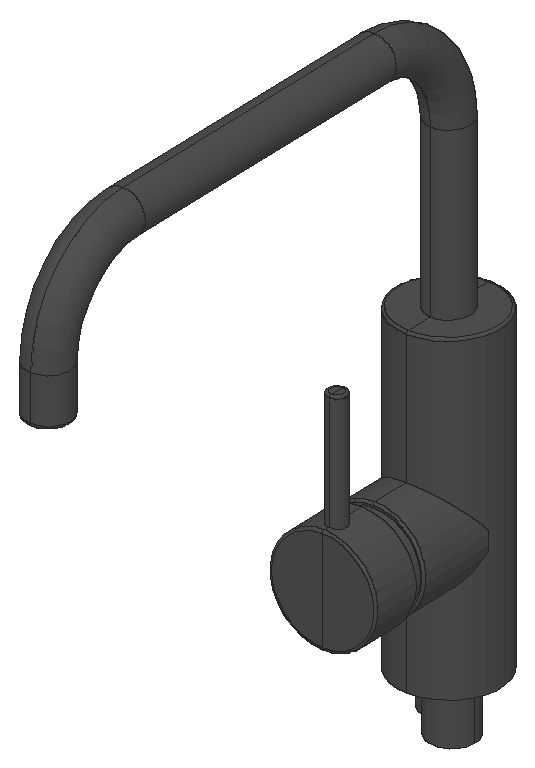
Revit family "Mixer-Sink-Caroma Liano Nexus", category Plumbing Fixtures, host Face, Revit 2013
Parameters (values of type "Standard")
  Waste Connection = no
  WELSRating_ANZRS = "WELS 5 Star rated, 6L/min"  # constant formula
  Vent Connection = no
  URL = "http://www.caroma.com.au/"
  Type Comments = "Caroma Liano Nexus Sink Mixer"  # constant formula
  ModifiedIssue_ANZRS = 2013.1  # constant formula
  Model = "96194B5A"  # constant formula
  Material_ANZRS = Metal-Steel-Powdercoated-Matte Black
  Manufacturer = "GWA Bathrooms & Kitchens"  # constant formula
  HWFU = 1.58  # constant formula
  HW Connection = yes
  Description = "WELS 5 Star rated, 6L/min"  # constant formula
  Default Elevation = 0 mm
  CreatedBy_ANZRS = "Design Content"  # constant formula
  CreatedByURL_ANZRS = "www.designcontent.com.au"
  Cost = 0
  Connector Radius = 10 mm  # constant formula
  CWFU = 1.58  # constant formula
  CW Connection = yes
  Assembly Code = "D2020300"
Reference planes
  plane 1 "Center (Front/Back)": y = 0
  plane 2: z = 0
  plane 3 "Center (Left/Right)": x = 0
Forms (mm)
  Extrusion 1, solid, material "Metal-Steel-Powdercoated-Matte Black" <- "Material_ANZRS"
    sketch origin (14.142, 0, 0) x (1, 0, 0) y (0, 1, 0)
      loop
        circle (-7.071, -7.071) r 10
    from -20 to 0
  Extrusion 2, solid, material "Metal-Steel-Powdercoated-Matte Black" <- "Material_ANZRS"
    sketch origin (-14.142, 0, 0) x (-1, 0, 0) y (0, -1, 0)
      loop
        circle (-7.071, -7.071) r 10
    from -20 to 0
  Revolve 3, solid, material "Metal-Steel-Powdercoated-Matte Black" <- "Material_ANZRS"
    sketch origin (0, 78.1, 59) x (0, 0, -1) y (0, -1, 0)
      loop
        line (0, 78.1) -> (22, 78.1) -> (22, 117.5)
        arc (22, 117.5) -> (21.707, 118.207) -> (21, 118.5) r 1
        line (21, 118.5) -> (20.214, 118.5) -> (20.214, 125.913)
        arc (20.214, 125.913) -> (18.63, 129.305) -> (16.482, 132.371) r 21.499
        line (16.482, 132.371) -> (0, 132.371) -> (0, 78.1)
      axis (0, 78.1) -> (0, 132.371)
    angle from 0 to 360
  Revolve 4, solid, material "Metal-Steel-Powdercoated-Matte Black" <- "Material_ANZRS"
    sketch origin (0, 78.1, 59) x (0, 0, -1) y (0, -1, 0)
      loop
        line (-23, 124.6) -> (0, 124.6) -> (0, 145.6) -> (-22, 145.6)
        arc (-22, 145.6) -> (-22.707, 145.307) -> (-23, 144.6) r 1
        line (-23, 144.6) -> (-23, 124.6)
      axis (0, 124.6) -> (0, 145.6)
    angle from 0 to 360
  Revolve 5, solid, material "Metal-Steel-Powdercoated-Matte Black" <- "Material_ANZRS"
    sketch origin (0, 78.1, 59) x (0, 0, -1) y (0, -1, 0)
      loop
        line (-19.831, 142.135) -> (-72.697, 142.135)
        arc (-72.697, 142.135) -> (-73.404, 141.842) -> (-73.697, 141.135) r 1
        line (-73.697, 141.135) -> (-73.697, 138.135) -> (-19.831, 138.135) -> (-19.831, 142.135)
      axis (-19.831, 138.135) -> (-73.697, 138.135)
    angle from 0 to 360
  Extrusion 6, void
    sketch origin (0, 78.1, 59) x (0, 0, -1) y (0, -1, 0)
      loop
        line (-6.574, 124.024) -> (24.905, 124.024) -> (24.905, 126.778) -> (-6.574, 124.024)
    from -50 to 50
  Sweep 7, solid, material "Metal-Steel-Powdercoated-Matte Black" <- "Material_ANZRS"
    path origin (0, 0, 0) x (0, 1, 0) y (0, 0, 1)
      loop
        line (0, 139) -> (0, 212)
        arc (0, 212) -> (-11.716, 240.284) -> (-40, 252) r 40
        line (-40, 252) -> (-175, 252)
        arc (-175, 252) -> (-203.284, 240.284) -> (-215, 212) r 40
        line (-215, 212) -> (-215, 191.3)
    profile origin (0, 0, 175.5) x (0, -1, 0) y (1, 0, 0)
      loop
        circle (0, 0) r 9.5
  Revolve 8, void
    sketch origin (0, 0, 0) x (0, 1, 0) y (0, 0, 1)
      loop
        line (-215, 187.781) -> (-215, 192.277) -> (-222.577, 192.277) -> (-222.577, 191.3) -> (-223.5, 191.3)
        arc (-223.5, 191.3) -> (-224.207, 191.593) -> (-224.5, 192.3) r 1
        line (-224.5, 192.3) -> (-225.733, 192.3) -> (-226.128, 187.781) -> (-215, 187.781)
      axis (-215, 192.3) -> (-215, 187.781)
    angle from 0 to 360
  Revolve 9, solid, material "Metal-Steel-Powdercoated-Matte Black" <- "Material_ANZRS"
    sketch origin (0, 78.1, 59) x (0, 0, -1) y (0, -1, 0)
      loop
        line (59, 78.1) -> (-80, 78.1) -> (-80, 56.6)
        arc (-80, 56.6) -> (-79.707, 55.892) -> (-79, 55.6) r 1
        line (-79, 55.6) -> (59, 55.6) -> (59, 78.1)
      axis (-80, 78.1) -> (59, 78.1)
    angle from 0 to 360
Cuts and joins
  Extrusion 6 cuts Revolve 4
  Revolve 8 cuts Sweep 7
  joined: Revolve 3, Revolve 4, Revolve 5, Sweep 7, Revolve 9
Lines and regions (mm)
  Masking region 1
    outline origin (0, 0, 0) x (1, 0, 0) y (0, 1, 0)
      loop
        line (-22.037, -4.54) -> (-22.037, -39.4)
        arc (-22.037, -39.4) -> (-21.744, -40.108) -> (-21.037, -40.4) r 1
        line (-21.037, -40.4) -> (-20.213, -40.4) -> (-20.213, -46.5) -> (-23, -46.5) -> (-23, -66.5)
        arc (-23, -66.5) -> (-22.707, -67.207) -> (-22, -67.5) r 1
        line (-22, -67.5) -> (-9.5, -67.5) -> (-9.5, -215)
        arc (-9.5, -215) -> (0, -224.5) -> (9.5, -215) r 9.5
        line (9.5, -215) -> (9.5, -67.5) -> (22, -67.5)
        arc (22, -67.5) -> (22.707, -67.207) -> (23, -66.5) r 1
        line (23, -66.5) -> (23, -46.5) -> (20.213, -46.5) -> (20.213, -40.4) -> (21.037, -40.4)
        arc (21.037, -40.4) -> (21.744, -40.108) -> (22.037, -39.4) r 1
        line (22.037, -39.4) -> (22.037, -4.54)
        arc (22.037, -4.54) -> (0, 22.5) -> (-22.037, -4.54) r 22.5
  Masking region 2
    outline origin (0, 0, 0) x (1, 0, 0) y (0, 0, 1)
      loop
        line (22.5, 0) -> (22.5, 138)
        arc (22.5, 138) -> (22.207, 138.707) -> (21.5, 139) r 1
        line (21.5, 139) -> (9.5, 139) -> (9.5, 252)
        arc (9.5, 252) -> (0, 261.5) -> (-9.5, 252) r 9.5
        line (-9.5, 252) -> (-9.5, 139) -> (-21.5, 139)
        arc (-21.5, 139) -> (-22.207, 138.707) -> (-22.5, 138) r 1
        line (-22.5, 138) -> (-22.5, 0) -> (22.5, 0)
  Masking region 3
    outline origin (0, 0, 0) x (0, 1, 0) y (0, 0, 1)
      loop
        line (9.5, 139) -> (9.5, 212)
        arc (9.5, 212) -> (-4.998, 247.002) -> (-40, 261.5) r 49.5
        line (-40, 261.5) -> (-175, 261.5)
        arc (-175, 261.5) -> (-210.002, 247.002) -> (-224.5, 212) r 49.5
        line (-224.5, 212) -> (-224.5, 191.3) -> (-205.5, 191.3) -> (-205.5, 212)
        arc (-205.5, 212) -> (-196.567, 233.567) -> (-175, 242.5) r 30.5
        line (-175, 242.5) -> (-40, 242.5)
        arc (-40, 242.5) -> (-18.433, 233.567) -> (-9.5, 212) r 30.5
        line (-9.5, 212) -> (-9.5, 139) -> (-21.5, 139)
        arc (-21.5, 139) -> (-22.207, 138.707) -> (-22.5, 138) r 1
        line (-22.5, 138) -> (-22.5, 81) -> (-39.4, 81)
        arc (-39.4, 81) -> (-40.108, 80.707) -> (-40.4, 80) r 1
        line (-40.4, 80) -> (-40.4, 79.214) -> (-46.5, 79.214) -> (-46.5, 82) -> (-56.035, 82) -> (-56.035, 131.693)
        arc (-56.035, 131.693) -> (-56.328, 132.4) -> (-57.035, 132.693) r 1
        line (-57.035, 132.693) -> (-63.035, 132.693)
        arc (-63.035, 132.693) -> (-63.742, 132.4) -> (-64.035, 131.693) r 1
        line (-64.035, 131.693) -> (-64.035, 82) -> (-66.506, 82)
        arc (-66.506, 82) -> (-67.213, 81.707) -> (-67.506, 81) r 1
        line (-67.506, 81) -> (-67.506, 37)
        arc (-67.506, 37) -> (-67.213, 36.293) -> (-66.506, 36) r 1
        line (-66.506, 36) -> (-48.512, 36) -> (-48.268, 38.786) -> (-40.4, 38.786) -> (-40.4, 38)
        arc (-40.4, 38) -> (-40.108, 37.293) -> (-39.4, 37) r 1
        line (-39.4, 37) -> (-22.5, 37) -> (-22.5, 0) -> (22.5, 0) -> (22.5, 138)
        arc (22.5, 138) -> (22.207, 138.707) -> (21.5, 139) r 1
        line (21.5, 139) -> (9.5, 139)
  symbolic lines
    curve 1: arc (-9.5, 0, 0) -> (0, 9.5, 0) -> (9.5, 0, 0) r 9.5
    curve 2: line (-9.5, 0, 0) -> (-9.5, -215, 0)
    curve 3: line (9.5, 0, 0) -> (9.5, -215, 0)
    curve 4: arc (-9.5, -215, 0) -> (0, -224.5, 0) -> (9.5, -215, 0) r 9.5
    curve 5: line (-21, -40.4, 0) -> (-9.5, -40.4, 0)
    curve 6: line (-9.5, -46.5, 0) -> (-23, -46.5, 0)
    curve 7: arc (9.5, -20.396, 0) -> (0, 22.5, 0) -> (-9.5, -20.396, 0) r 22.5
    curve 8: line (21, -40.4, 0) -> (9.5, -40.4, 0)
    curve 9: line (9.5, -46.5, 0) -> (23, -46.5, 0)
    curve 10: line (-9.5, 0, 139) -> (9.5, 0, 139)
    curve 11: circle (0, 0, 59) r 23 normal (0, -1, 0)
    curve 12: line (-4, 0, 81.65) -> (-4, 0, 131.697)
    curve 13: line (-3, 0, 132.697) -> (0, 0, 132.697)
    curve 14: arc (-4, 0, 131.697) -> (-3.707, 0, 132.404) -> (-3, 0, 132.697) r 1
    curve 15: line (4, 0, 81.65) -> (4, 0, 131.697)
    curve 16: line (3, 0, 132.697) -> (0, 0, 132.697)
    curve 17: arc (4, 0, 131.697) -> (3.707, 0, 132.404) -> (3, 0, 132.697) r 1
    curve 18: line (8.5, 0, 191.3) -> (-8.5, 0, 191.3)
    curve 19: arc (-9.5, 0, 192.3) -> (-9.207, 0, 191.593) -> (-8.5, 0, 191.3) r 1
    curve 20: arc (9.5, 0, 192.3) -> (9.207, 0, 191.593) -> (8.5, 0, 191.3) r 1
    curve 21: line (0, -21.5, 139) -> (0, 21.5, 139)
    curve 22: line (0, -22.5, 81) -> (0, -22.5, 37)
    curve 23: line (0, -40.4, 80) -> (0, -40.4, 38)
    curve 24: line (0, -46.5, 59) -> (0, -46.5, 82)
    curve 25: line (0, -46.5, 59) -> (0, -48.512, 36)
    curve 26: line (0, -64.035, 82) -> (0, -56.035, 82)
Dimensions and locks
  aligned and locked: plane 2 to host face
  aligned and locked: level to host face
Connectors
  piping at (7.071, -7.071, -20), driven by "Connector Radius", driven by "CWFU"
    settings: on Extrusion 1, index 5, connector radius 0.3937", flow factor 0, pipe flow 0 GPM, pressure drop 0.00 psi, fitting loss kfactor 0, connector angle 0.00°, fixture units 1.58, engagement length 0 mm, flow configuration 3, flow direction 1, fitting loss method 1, system type 20, joint type 0, gender type 0, connector reference index -1, connector utility 0, adjustable connector no, is connector primary yes, fitting loss table "Inward Projecting Pipe", connector description ""
  piping at (-7.071, 7.071, -20), driven by "Connector Radius", driven by "HWFU"
    settings: on Extrusion 2, index 6, connector radius 0.3937", flow factor 0, pipe flow 0 GPM, pressure drop 0.00 psi, fitting loss kfactor 0, connector angle 0.00°, fixture units 1.58, engagement length 0 mm, flow configuration 3, flow direction 1, fitting loss method 1, system type 19, joint type 0, gender type 0, connector reference index -1, connector utility 0, adjustable connector no, is connector primary no, fitting loss table "Inward Projecting Pipe", connector description ""
